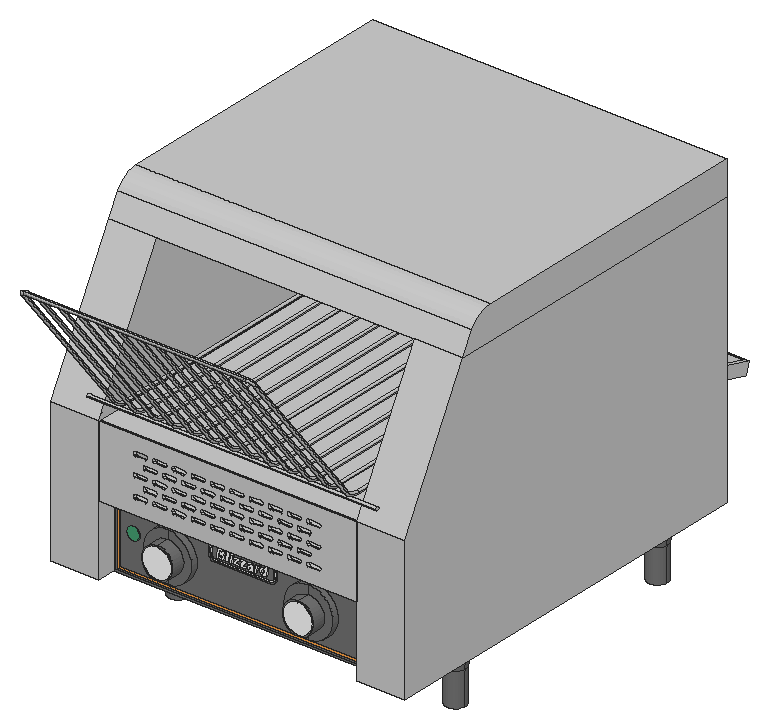
Revit family "QF_BLIZZARD_BCT2", category Specialty Equipment, Revit 2016
Family settings
  Part Type = Normal
  Round Connector Dimension = Use Diameter
  OmniClass Number = 23.40.40.14
  OmniClass Title = Food Service Equipment
  Work Plane-Based = No
  Always vertical = Yes
  Cut with Voids When Loaded = No
  Shared = No
  Room Calculation Point = No
Parameters (values of type "BCT2")
  URL = "www.blizzardequipment.com"
  Show Logo [instance] = yes
  Show Clearance [instance] = yes
  Model = "BCT2"
  Manufacturer = "BLIZZARD"
  Description = "2240W CONVEYOR TOASTER"
  Assembly Code = "E1090320"
Reference planes
  plane 1 "Back": y = 0
  plane 2: z = 0
  plane 3 "Left": x = 0
  plane 4 "Right": x = 368
  plane 5 "Front": y = -418
  plane 6 "Top": z = 387
Forms (mm)
  Extrusion 1, solid
    sketch origin (-228.698, -396.2, 15.482) x (1, 0, 0) y (0, 0, 1)
      loop
        line (284.698, 119.792) -> (284.698, 57.792) -> (540.698, 57.792) -> (540.698, 119.792) -> (284.698, 119.792)
      loop
        line (282.698, 121.792) -> (282.698, 55.792) -> (542.698, 55.792) -> (542.698, 121.792) -> (282.698, 121.792)
    from 0 to 2
  Revolve 2, solid
    sketch origin (110.934, 197, 37.497) x (0, 1, 0) y (0, 0, 1)
      loop
        line (-595, 92) -> (-601.479, 92) -> (-601.479, 83.047) -> (-614.8, 83.047) -> (-614.8, 66.623) -> (-595, 66.623) -> (-595, 92)
      axis (-595, 66.623) -> (-614.8, 66.623)
    angle from 0 to 360
  Extrusion 3, solid
    sketch origin (17.726, -397.273, 357.76) x (0, 0, -1) y (1, 0, 0)
      loop
        circle (248.792, 52.683) r 6.466
    from -0.205 to 1.127
  Extrusion 4, solid, visible <- "Show Logo"
    sketch origin (126.642, -396.4, -20.872) x (1, 0, 0) y (0, 0, 1)
      loop
        arc (22.13, 139.05) -> (23.822, 134.965) -> (27.907, 133.273) r 5.777
        line (27.907, 133.273) -> (86.809, 133.273)
        arc (86.809, 133.273) -> (90.894, 134.965) -> (92.585, 139.05) r 5.777
        line (92.585, 139.05) -> (92.585, 147.215)
        arc (92.585, 147.215) -> (90.894, 151.299) -> (86.809, 152.991) r 5.777
        line (86.809, 152.991) -> (27.907, 152.991)
        arc (27.907, 152.991) -> (23.822, 151.299) -> (22.13, 147.215) r 5.777
        line (22.13, 147.215) -> (22.13, 139.05)
    from 0 to 2
  Extrusion 5, solid, visible <- "Show Logo"
    sketch origin (126.642, -396.6, -15.863) x (1, 0, 0) y (0, 0, 1)
      loop
        line (30.3, 133.137) -> (36.162, 133.137)
        arc (36.162, 133.137) -> (39.122, 134.994) -> (38.048, 138.319) r 2.844
        arc (38.048, 138.319) -> (38.838, 141.267) -> (36.338, 143.017) r 2.66
        line (36.338, 143.017) -> (31.338, 143.017) -> (30.3, 133.137)
      loop
        line (33.066, 135.126) -> (35.993, 135.126)
        arc (35.993, 135.126) -> (36.943, 136.076) -> (35.993, 137.026) r 0.95
        line (35.993, 137.026) -> (33.066, 137.026) -> (33.066, 135.126)
      loop
        line (33.528, 139.285) -> (36.147, 139.285)
        arc (36.147, 139.285) -> (36.994, 140.133) -> (36.147, 140.98) r 0.847
        line (36.147, 140.98) -> (33.528, 140.98) -> (33.528, 139.285)
      loop
        line (40.306, 133.137) -> (42.874, 133.137) -> (43.912, 143.017) -> (41.344, 143.017) -> (40.306, 133.137)
      loop
        line (45.174, 140.98) -> (47.749, 140.98) -> (47.964, 143.017) -> (45.389, 143.017) -> (45.174, 140.98)
      loop
        line (45.104, 140.313) -> (44.35, 133.137) -> (46.671, 133.137) -> (47.425, 140.313) -> (45.104, 140.313)
      loop
        line (48.314, 138.359) -> (51.196, 138.359) -> (47.765, 134.548) -> (47.765, 133.137) -> (54.184, 133.137) -> (54.393, 135.126) -> (51.213, 135.126) -> (54.657, 138.952) -> (54.657, 140.313) -> (48.519, 140.313) -> (48.314, 138.359)
      loop
        line (55.213, 138.359) -> (58.095, 138.359) -> (54.664, 134.548) -> (54.664, 133.137) -> (61.084, 133.137) -> (61.293, 135.126) -> (58.112, 135.126) -> (61.557, 138.952) -> (61.557, 140.313) -> (55.419, 140.313) -> (55.213, 138.359)
      loop
        arc (64.816, 137.983) -> (65.785, 138.952) -> (66.753, 137.983) r 0.969
        line (66.753, 137.983) -> (64.711, 137.436)
        arc (64.711, 137.436) -> (62.642, 134.297) -> (66.342, 133.633) r 2.251
        line (66.342, 133.633) -> (66.77, 132.921) -> (69.168, 132.921) -> (68.641, 134.052) -> (69.084, 138.274)
        arc (69.084, 138.274) -> (65.782, 140.567) -> (62.514, 138.225) r 3.488
        line (62.514, 138.225) -> (64.816, 137.983)
      loop
        line (69.848, 133.137) -> (72.232, 133.137) -> (72.59, 136.546)
        arc (72.59, 136.546) -> (73.413, 137.974) -> (75.025, 138.32) r 2.029
        line (75.025, 138.32) -> (75.83, 140.313)
        arc (75.83, 140.313) -> (74.279, 140.541) -> (72.927, 139.749) r 2.362
        line (72.927, 139.749) -> (72.927, 140.627) -> (70.635, 140.627) -> (69.848, 133.137)
      loop
        line (82.596, 133.137) -> (83.635, 143.017) -> (81.373, 143.017) -> (81.031, 139.764)
        arc (81.031, 139.764) -> (75.402, 137.124) -> (80.359, 133.372) r 3.631
        line (80.359, 133.372) -> (82.596, 133.137)
      loop
        spline (78.956, 134.82) -> (79.32, 134.851) -> (79.675, 135.016) -> (79.994, 135.304) -> (80.258, 135.695) -> (80.446, 136.164) -> (80.548, 136.677) -> (80.555, 137.2) -> (80.468, 137.697) -> (80.292, 138.134) -> (80.039, 138.483) -> (79.727, 138.718) -> (79.376, 138.823)
        spline (79.376, 138.823) -> (79.011, 138.793) -> (78.657, 138.628) -> (78.338, 138.34) -> (78.074, 137.948) -> (77.886, 137.48) -> (77.784, 136.967) -> (77.777, 136.444) -> (77.864, 135.947) -> (78.04, 135.509) -> (78.293, 135.161) -> (78.605, 134.926) -> (78.956, 134.82)
      loop
        line (66.385, 136.28) -> (64.729, 135.958)
        arc (64.729, 135.958) -> (64.361, 135.233) -> (65.042, 134.788) r 0.609
        arc (65.042, 134.788) -> (66.068, 135.215) -> (66.385, 136.28) r 1.295
      loop
        line (85.459, 146.184) -> (29.578, 146.184)
        arc (29.578, 146.184) -> (25.494, 144.492) -> (23.802, 140.407) r 5.777
        line (23.802, 140.407) -> (23.802, 135.662)
        arc (23.802, 135.662) -> (25.494, 131.578) -> (29.578, 129.886) r 5.777
        line (29.578, 129.886) -> (85.459, 129.886)
        arc (85.459, 129.886) -> (89.544, 131.578) -> (91.236, 135.662) r 5.777
        line (91.236, 135.662) -> (91.236, 140.407)
        arc (91.236, 140.407) -> (89.544, 144.492) -> (85.459, 146.184) r 5.777
      loop
        line (85.459, 145.184) -> (29.578, 145.184)
        arc (29.578, 145.184) -> (26.201, 143.785) -> (24.802, 140.407) r 4.777
        line (24.802, 140.407) -> (24.802, 135.662)
        arc (24.802, 135.662) -> (26.201, 132.285) -> (29.578, 130.886) r 4.777
        line (29.578, 130.886) -> (85.459, 130.886)
        arc (85.459, 130.886) -> (88.837, 132.285) -> (90.236, 135.662) r 4.777
        line (90.236, 135.662) -> (90.236, 140.407)
        arc (90.236, 140.407) -> (88.837, 143.785) -> (85.459, 145.184) r 4.777
    from 0 to 2
  Extrusion 6, solid
    sketch origin (-228.698, -396, 15.482) x (1, 0, 0) y (0, 0, 1)
      loop
        line (280.698, 123.792) -> (280.698, 53.792) -> (544.698, 53.792) -> (544.698, 123.792) -> (280.698, 123.792)
    from 0 to 2
  Blend 7, solid
    base sketch origin (90.349, -393.25, -45.016) x (-1, 0, 0) y (0, -1, 0)
      loop
        circle (50.349, -353.214) r 10
    top sketch origin (90.349, -393.25, 0) x (-1, 0, 0) y (0, -1, 0)
      loop
        circle (50.349, -353.214) r 15
    from 79.968 to 67.275
  Extrusion 8, solid
    sketch origin (0, 0, -35) x (0, 1, 0) y (0, 0, 1)
      loop
        line (0, 422) -> (-306.663, 422)
        arc (-306.663, 422) -> (-320.577, 418.207) -> (-330.64, 407.877) r 27.414
        line (-330.64, 407.877) -> (-342.212, 387) -> (0, 387) -> (0, 422)
    from 0 to 368
  Extrusion 9, solid
    sketch origin (0, 0, -35) x (0, 1, 0) y (0, 0, 1)
      loop
        line (0, 387) -> (-342.212, 387) -> (-418, 250.275) -> (-418, 102.275) -> (0, 102.275) -> (0, 387)
    from 0 to 50
  Extrusion 10, solid
    sketch origin (318, 0, -35) x (0, 1, 0) y (0, 0, 1)
      loop
        line (0, 387) -> (-342.212, 387) -> (-418, 250.275) -> (-418, 102.275) -> (0, 102.275) -> (0, 387)
    from 0 to 50
  Extrusion 11, solid
    sketch origin (0, -3, 0) x (1, 0, 0) y (0, 0, 1)
      loop
        line (50, 215.275) -> (50, 141.275) -> (318, 141.275) -> (318, 215.275) -> (50, 215.275)
      loop
        arc (89, 200.775) -> (86.5, 198.275) -> (89, 195.775) r 2.5
        line (89, 195.775) -> (99, 195.775)
        arc (99, 195.775) -> (101.5, 198.275) -> (99, 200.775) r 2.5
        line (99, 200.775) -> (89, 200.775)
      loop
        arc (109, 200.775) -> (106.5, 198.275) -> (109, 195.775) r 2.5
        line (109, 195.775) -> (119, 195.775)
        arc (119, 195.775) -> (121.5, 198.275) -> (119, 200.775) r 2.5
        line (119, 200.775) -> (109, 200.775)
      loop
        arc (129, 200.775) -> (126.5, 198.275) -> (129, 195.775) r 2.5
        line (129, 195.775) -> (139, 195.775)
        arc (139, 195.775) -> (141.5, 198.275) -> (139, 200.775) r 2.5
        line (139, 200.775) -> (129, 200.775)
      loop
        arc (149, 200.775) -> (146.5, 198.275) -> (149, 195.775) r 2.5
        line (149, 195.775) -> (159, 195.775)
        arc (159, 195.775) -> (161.5, 198.275) -> (159, 200.775) r 2.5
        line (159, 200.775) -> (149, 200.775)
      loop
        arc (169, 200.775) -> (166.5, 198.275) -> (169, 195.775) r 2.5
        line (169, 195.775) -> (179, 195.775)
        arc (179, 195.775) -> (181.5, 198.275) -> (179, 200.775) r 2.5
        line (179, 200.775) -> (169, 200.775)
      loop
        arc (189, 200.775) -> (186.5, 198.275) -> (189, 195.775) r 2.5
        line (189, 195.775) -> (199, 195.775)
        arc (199, 195.775) -> (201.5, 198.275) -> (199, 200.775) r 2.5
        line (199, 200.775) -> (189, 200.775)
      loop
        arc (209, 200.775) -> (206.5, 198.275) -> (209, 195.775) r 2.5
        line (209, 195.775) -> (219, 195.775)
        arc (219, 195.775) -> (221.5, 198.275) -> (219, 200.775) r 2.5
        line (219, 200.775) -> (209, 200.775)
      loop
        arc (229, 200.775) -> (226.5, 198.275) -> (229, 195.775) r 2.5
        line (229, 195.775) -> (239, 195.775)
        arc (239, 195.775) -> (241.5, 198.275) -> (239, 200.775) r 2.5
        line (239, 200.775) -> (229, 200.775)
      loop
        arc (249, 200.775) -> (246.5, 198.275) -> (249, 195.775) r 2.5
        line (249, 195.775) -> (259, 195.775)
        arc (259, 195.775) -> (261.5, 198.275) -> (259, 200.775) r 2.5
        line (259, 200.775) -> (249, 200.775)
      loop
        arc (269, 200.775) -> (266.5, 198.275) -> (269, 195.775) r 2.5
        line (269, 195.775) -> (279, 195.775)
        arc (279, 195.775) -> (281.5, 198.275) -> (279, 200.775) r 2.5
        line (279, 200.775) -> (269, 200.775)
      loop
        arc (99, 190.775) -> (96.5, 188.275) -> (99, 185.775) r 2.5
        line (99, 185.775) -> (109, 185.775)
        arc (109, 185.775) -> (111.5, 188.275) -> (109, 190.775) r 2.5
        line (109, 190.775) -> (99, 190.775)
      loop
        arc (119, 190.775) -> (116.5, 188.275) -> (119, 185.775) r 2.5
        line (119, 185.775) -> (129, 185.775)
        arc (129, 185.775) -> (131.5, 188.275) -> (129, 190.775) r 2.5
        line (129, 190.775) -> (119, 190.775)
      loop
        arc (139, 190.775) -> (136.5, 188.275) -> (139, 185.775) r 2.5
        line (139, 185.775) -> (149, 185.775)
        arc (149, 185.775) -> (151.5, 188.275) -> (149, 190.775) r 2.5
        line (149, 190.775) -> (139, 190.775)
      loop
        arc (159, 190.775) -> (156.5, 188.275) -> (159, 185.775) r 2.5
        line (159, 185.775) -> (169, 185.775)
        arc (169, 185.775) -> (171.5, 188.275) -> (169, 190.775) r 2.5
        line (169, 190.775) -> (159, 190.775)
      loop
        arc (179, 190.775) -> (176.5, 188.275) -> (179, 185.775) r 2.5
        line (179, 185.775) -> (189, 185.775)
        arc (189, 185.775) -> (191.5, 188.275) -> (189, 190.775) r 2.5
        line (189, 190.775) -> (179, 190.775)
      loop
        arc (199, 190.775) -> (196.5, 188.275) -> (199, 185.775) r 2.5
        line (199, 185.775) -> (209, 185.775)
        arc (209, 185.775) -> (211.5, 188.275) -> (209, 190.775) r 2.5
        line (209, 190.775) -> (199, 190.775)
      loop
        arc (219, 190.775) -> (216.5, 188.275) -> (219, 185.775) r 2.5
        line (219, 185.775) -> (229, 185.775)
        arc (229, 185.775) -> (231.5, 188.275) -> (229, 190.775) r 2.5
        line (229, 190.775) -> (219, 190.775)
      loop
        arc (239, 190.775) -> (236.5, 188.275) -> (239, 185.775) r 2.5
        line (239, 185.775) -> (249, 185.775)
        arc (249, 185.775) -> (251.5, 188.275) -> (249, 190.775) r 2.5
        line (249, 190.775) -> (239, 190.775)
      loop
        arc (259, 190.775) -> (256.5, 188.275) -> (259, 185.775) r 2.5
        line (259, 185.775) -> (269, 185.775)
        arc (269, 185.775) -> (271.5, 188.275) -> (269, 190.775) r 2.5
        line (269, 190.775) -> (259, 190.775)
      loop
        arc (89, 180.775) -> (86.5, 178.275) -> (89, 175.775) r 2.5
        line (89, 175.775) -> (99, 175.775)
        arc (99, 175.775) -> (101.5, 178.275) -> (99, 180.775) r 2.5
        line (99, 180.775) -> (89, 180.775)
      loop
        arc (109, 180.775) -> (106.5, 178.275) -> (109, 175.775) r 2.5
        line (109, 175.775) -> (119, 175.775)
        arc (119, 175.775) -> (121.5, 178.275) -> (119, 180.775) r 2.5
        line (119, 180.775) -> (109, 180.775)
      loop
        arc (129, 180.775) -> (126.5, 178.275) -> (129, 175.775) r 2.5
        line (129, 175.775) -> (139, 175.775)
        arc (139, 175.775) -> (141.5, 178.275) -> (139, 180.775) r 2.5
        line (139, 180.775) -> (129, 180.775)
      loop
        arc (149, 180.775) -> (146.5, 178.275) -> (149, 175.775) r 2.5
        line (149, 175.775) -> (159, 175.775)
        arc (159, 175.775) -> (161.5, 178.275) -> (159, 180.775) r 2.5
        line (159, 180.775) -> (149, 180.775)
      loop
        arc (169, 180.775) -> (166.5, 178.275) -> (169, 175.775) r 2.5
        line (169, 175.775) -> (179, 175.775)
        arc (179, 175.775) -> (181.5, 178.275) -> (179, 180.775) r 2.5
        line (179, 180.775) -> (169, 180.775)
      loop
        arc (189, 180.775) -> (186.5, 178.275) -> (189, 175.775) r 2.5
        line (189, 175.775) -> (199, 175.775)
        arc (199, 175.775) -> (201.5, 178.275) -> (199, 180.775) r 2.5
        line (199, 180.775) -> (189, 180.775)
      loop
        arc (209, 180.775) -> (206.5, 178.275) -> (209, 175.775) r 2.5
        line (209, 175.775) -> (219, 175.775)
        arc (219, 175.775) -> (221.5, 178.275) -> (219, 180.775) r 2.5
        line (219, 180.775) -> (209, 180.775)
      loop
        arc (229, 180.775) -> (226.5, 178.275) -> (229, 175.775) r 2.5
        line (229, 175.775) -> (239, 175.775)
        arc (239, 175.775) -> (241.5, 178.275) -> (239, 180.775) r 2.5
        line (239, 180.775) -> (229, 180.775)
      loop
        arc (249, 180.775) -> (246.5, 178.275) -> (249, 175.775) r 2.5
        line (249, 175.775) -> (259, 175.775)
        arc (259, 175.775) -> (261.5, 178.275) -> (259, 180.775) r 2.5
        line (259, 180.775) -> (249, 180.775)
      loop
        arc (269, 180.775) -> (266.5, 178.275) -> (269, 175.775) r 2.5
        line (269, 175.775) -> (279, 175.775)
        arc (279, 175.775) -> (281.5, 178.275) -> (279, 180.775) r 2.5
        line (279, 180.775) -> (269, 180.775)
      loop
        arc (99, 170.775) -> (96.5, 168.275) -> (99, 165.775) r 2.5
        line (99, 165.775) -> (109, 165.775)
        arc (109, 165.775) -> (111.5, 168.275) -> (109, 170.775) r 2.5
        line (109, 170.775) -> (99, 170.775)
      loop
        arc (119, 170.775) -> (116.5, 168.275) -> (119, 165.775) r 2.5
        line (119, 165.775) -> (129, 165.775)
        arc (129, 165.775) -> (131.5, 168.275) -> (129, 170.775) r 2.5
        line (129, 170.775) -> (119, 170.775)
      loop
        arc (139, 170.775) -> (136.5, 168.275) -> (139, 165.775) r 2.5
        line (139, 165.775) -> (149, 165.775)
        arc (149, 165.775) -> (151.5, 168.275) -> (149, 170.775) r 2.5
        line (149, 170.775) -> (139, 170.775)
      loop
        arc (159, 170.775) -> (156.5, 168.275) -> (159, 165.775) r 2.5
        line (159, 165.775) -> (169, 165.775)
        arc (169, 165.775) -> (171.5, 168.275) -> (169, 170.775) r 2.5
        line (169, 170.775) -> (159, 170.775)
      loop
        arc (179, 170.775) -> (176.5, 168.275) -> (179, 165.775) r 2.5
        line (179, 165.775) -> (189, 165.775)
        arc (189, 165.775) -> (191.5, 168.275) -> (189, 170.775) r 2.5
        line (189, 170.775) -> (179, 170.775)
      loop
        arc (199, 170.775) -> (196.5, 168.275) -> (199, 165.775) r 2.5
        line (199, 165.775) -> (209, 165.775)
        arc (209, 165.775) -> (211.5, 168.275) -> (209, 170.775) r 2.5
        line (209, 170.775) -> (199, 170.775)
      loop
        arc (219, 170.775) -> (216.5, 168.275) -> (219, 165.775) r 2.5
        line (219, 165.775) -> (229, 165.775)
        arc (229, 165.775) -> (231.5, 168.275) -> (229, 170.775) r 2.5
        line (229, 170.775) -> (219, 170.775)
      loop
        arc (239, 170.775) -> (236.5, 168.275) -> (239, 165.775) r 2.5
        line (239, 165.775) -> (249, 165.775)
        arc (249, 165.775) -> (251.5, 168.275) -> (249, 170.775) r 2.5
        line (249, 170.775) -> (239, 170.775)
      loop
        arc (259, 170.775) -> (256.5, 168.275) -> (259, 165.775) r 2.5
        line (259, 165.775) -> (269, 165.775)
        arc (269, 165.775) -> (271.5, 168.275) -> (269, 170.775) r 2.5
        line (269, 170.775) -> (259, 170.775)
      loop
        arc (89, 160.775) -> (86.5, 158.275) -> (89, 155.775) r 2.5
        line (89, 155.775) -> (99, 155.775)
        arc (99, 155.775) -> (101.5, 158.275) -> (99, 160.775) r 2.5
        line (99, 160.775) -> (89, 160.775)
      loop
        arc (109, 160.775) -> (106.5, 158.275) -> (109, 155.775) r 2.5
        line (109, 155.775) -> (119, 155.775)
        arc (119, 155.775) -> (121.5, 158.275) -> (119, 160.775) r 2.5
        line (119, 160.775) -> (109, 160.775)
      loop
        arc (129, 160.775) -> (126.5, 158.275) -> (129, 155.775) r 2.5
        line (129, 155.775) -> (139, 155.775)
        arc (139, 155.775) -> (141.5, 158.275) -> (139, 160.775) r 2.5
        line (139, 160.775) -> (129, 160.775)
      loop
        arc (149, 160.775) -> (146.5, 158.275) -> (149, 155.775) r 2.5
        line (149, 155.775) -> (159, 155.775)
        arc (159, 155.775) -> (161.5, 158.275) -> (159, 160.775) r 2.5
        line (159, 160.775) -> (149, 160.775)
      loop
        arc (169, 160.775) -> (166.5, 158.275) -> (169, 155.775) r 2.5
        line (169, 155.775) -> (179, 155.775)
        arc (179, 155.775) -> (181.5, 158.275) -> (179, 160.775) r 2.5
        line (179, 160.775) -> (169, 160.775)
      loop
        arc (189, 160.775) -> (186.5, 158.275) -> (189, 155.775) r 2.5
        line (189, 155.775) -> (199, 155.775)
        arc (199, 155.775) -> (201.5, 158.275) -> (199, 160.775) r 2.5
        line (199, 160.775) -> (189, 160.775)
      loop
        arc (209, 160.775) -> (206.5, 158.275) -> (209, 155.775) r 2.5
        line (209, 155.775) -> (219, 155.775)
        arc (219, 155.775) -> (221.5, 158.275) -> (219, 160.775) r 2.5
        line (219, 160.775) -> (209, 160.775)
      loop
        arc (229, 160.775) -> (226.5, 158.275) -> (229, 155.775) r 2.5
        line (229, 155.775) -> (239, 155.775)
        arc (239, 155.775) -> (241.5, 158.275) -> (239, 160.775) r 2.5
        line (239, 160.775) -> (229, 160.775)
      loop
        arc (249, 160.775) -> (246.5, 158.275) -> (249, 155.775) r 2.5
        line (249, 155.775) -> (259, 155.775)
        arc (259, 155.775) -> (261.5, 158.275) -> (259, 160.775) r 2.5
        line (259, 160.775) -> (249, 160.775)
      loop
        arc (269, 160.775) -> (266.5, 158.275) -> (269, 155.775) r 2.5
        line (269, 155.775) -> (279, 155.775)
        arc (279, 155.775) -> (281.5, 158.275) -> (279, 160.775) r 2.5
        line (279, 160.775) -> (269, 160.775)
    from 413 to 415
  Extrusion 12, solid
    sketch origin (0, -368, 0) x (1, 0, 0) y (0, 0, 1)
      loop
        line (50, 141.275) -> (50, 67.275) -> (318, 67.275) -> (318, 141.275) -> (50, 141.275)
    from -348 to 30
  Extrusion 13, solid
    sketch origin (-72.868, -416, 0) x (1, 0, 0) y (0, 0, 1)
      loop
        circle (183.802, 104.12) r 15
    from 0 to 2
  Revolve 14, solid
    sketch origin (257.066, 197, 37.497) x (0, 1, 0) y (0, 0, -1)
      loop
        line (-595, -92) -> (-595, -66.623) -> (-614.8, -66.623) -> (-614.8, -83.047) -> (-601.479, -83.047) -> (-601.479, -92) -> (-595, -92)
      axis (-595, -66.623) -> (-614.8, -66.623)
    angle from 0 to 360
  Extrusion 15, solid
    sketch origin (440.868, -416, 0) x (-1, 0, 0) y (0, 0, -1)
      loop
        circle (183.802, -104.12) r 15
    from 0 to 2
  Extrusion 16, solid
    sketch origin (0, 0, 0) x (1, 0, 0) y (0, 1, 0)
      loop
        circle (40, -40.036) r 10
    from 0 to 34.952
  Blend 17, solid
    base sketch origin (277.651, -393.25, -45.016) x (1, 0, 0) y (0, 1, 0)
      loop
        circle (50.349, 353.214) r 10
    top sketch origin (277.651, -393.25, 0) x (1, 0, 0) y (0, 1, 0)
      loop
        circle (50.349, 353.214) r 15
    from 79.968 to 67.275
  Extrusion 18, solid
    sketch origin (368, 0, 0) x (-1, 0, 0) y (0, -1, 0)
      loop
        circle (40, 40.036) r 10
    from 0 to 34.952
  Blend 19, solid
    base sketch origin (90.349, 51.038, -45.016) x (-1, 0, 0) y (0, -1, 0)
      loop
        circle (50.349, 353.214) r 10
    top sketch origin (90.349, 51.038, 0) x (-1, 0, 0) y (0, -1, 0)
      loop
        circle (50.349, 353.214) r 15
    from 79.968 to 67.275
  Extrusion 20, solid
    sketch origin (0, -342.212, 0) x (1, 0, 0) y (0, 1, 0)
      loop
        circle (40, 40.036) r 10
    from 0 to 34.952
  Blend 21, solid
    base sketch origin (277.651, 51.038, -45.016) x (1, 0, 0) y (0, 1, 0)
      loop
        circle (50.349, -353.214) r 10
    top sketch origin (277.651, 51.038, 0) x (1, 0, 0) y (0, 1, 0)
      loop
        circle (50.349, -353.214) r 15
    from 79.968 to 67.275
  Extrusion 22, solid
    sketch origin (368, -342.212, 0) x (-1, 0, 0) y (0, -1, 0)
      loop
        circle (40, -40.036) r 10
    from 0 to 34.952
  Extrusion 23, solid
    sketch origin (0, 0, 0) x (1, 0, 0) y (0, 0, 1)
      loop
        line (50, 352) -> (50, 67.275) -> (318, 67.275) -> (318, 352) -> (50, 352)
      loop
        line (80, 235.275) -> (80, 141.275) -> (288, 141.275) -> (288, 235.275) -> (80, 235.275)
    from 0 to 20
  Extrusion 24, solid
    sketch origin (0, 0, 0) x (0, 1, 0) y (0, 0, 1)
      loop
        line (-26.682, 141.275) -> (-32.363, 144.807) -> (-416, 144.807) -> (-416, 141.275) -> (-26.682, 141.275)
    from 50 to 318
  Extrusion 25, solid
    sketch origin (0, 0, 70.467) x (0, 1, 0) y (0, 0, 1)
      loop
        line (-140, 141.275) -> (-140, 144.807) -> (-416, 144.807) -> (-416, 141.275) -> (-140, 141.275)
    from 50 to 318
  Extrusion 26, solid
    sketch origin (0, 154.485, -114.284) x (0, 0.873328, -0.487132) y (0, 0.487132, 0.873328)
      loop
        line (-416.846, 144.848) -> (-417.721, 144.36) -> (-416, 141.275) -> (-282.71, 134.934) -> (-276.874, 138.189) -> (-416.846, 144.848)
    from 50 to 318
  Sweep 27, solid
    path origin (64, 0, 0) x (0, 1, 0) y (0, 0, 1)
      loop
        line (-146.452, 230.275) -> (-399.931, 230.275)
        arc (-399.931, 230.275) -> (-408.698, 232.299) -> (-415.691, 237.961) r 20
        line (-415.691, 237.961) -> (-532.133, 387)
    profile origin (64, -273.191, 230.275) x (0, 0, -1) y (1, 0, 0)
      loop
        circle (0, 0) r 1.5
  Sweep 28, solid
    path origin (84, 0, 0) x (0, 1, 0) y (0, 0, 1)
      loop
        line (-138.431, 230.275) -> (-399.931, 230.275)
        arc (-399.931, 230.275) -> (-408.698, 232.299) -> (-415.691, 237.961) r 20
        line (-415.691, 237.961) -> (-536.981, 393.205)
    profile origin (84, -269.181, 230.275) x (0, 0, -1) y (1, 0, 0)
      loop
        circle (0, 0) r 1.5
  Sweep 29, solid
    path origin (0, -293.872, 82.04) x (1, 0, 0) y (0, -0.615661, 0.788011)
      loop
        line (64, 387) -> (64, 390)
        arc (64, 390) -> (65.464, 393.536) -> (69, 395) r 5
        line (69, 395) -> (299, 395)
        arc (299, 395) -> (302.536, 393.536) -> (304, 390) r 5
        line (304, 390) -> (304, 387)
    profile origin (64, -533.056, 388.182) x (-1, 0, 0) y (0, -0.788011, -0.615661)
      loop
        circle (0, 0) r 1.5
  Sweep 30, solid
    path origin (0, -533.452, 230.275) x (1, 0, 0) y (0, 1, 0)
      loop
        line (64, 387) -> (64, 390)
        arc (64, 390) -> (65.464, 393.536) -> (69, 395) r 5
        line (69, 395) -> (299, 395)
        arc (299, 395) -> (302.536, 393.536) -> (304, 390) r 5
        line (304, 390) -> (304, 387)
    profile origin (64, -144.952, 230.275) x (-1, 0, 0) y (0, 0, 1)
      loop
        circle (0, 0) r 1.5
  Extrusion 31, solid
    sketch origin (34, -3.582, -3.371) x (0, 1, 0) y (0, 0, 1)
      loop
        circle (-407.789, 233.696) r 1.5
    from 0 to 300
  Sweep 32, solid
    path origin (304, 0, 0) x (0, 1, 0) y (0, 0, -1)
      loop
        line (-146.452, -230.275) -> (-399.931, -230.275)
        arc (-399.931, -230.275) -> (-408.698, -232.299) -> (-415.691, -237.961) r 20
        line (-415.691, -237.961) -> (-532.133, -387)
    profile origin (304, -273.191, 230.275) x (0, 0, 1) y (-1, 0, 0)
      loop
        circle (0, 0) r 1.5
  Sweep 33, solid
    path origin (104, 0, 0) x (0, 1, 0) y (0, 0, 1)
      loop
        line (-138.431, 230.275) -> (-399.931, 230.275)
        arc (-399.931, 230.275) -> (-408.698, 232.299) -> (-415.691, 237.961) r 20
        line (-415.691, 237.961) -> (-536.981, 393.205)
    profile origin (104, -269.181, 230.275) x (0, 0, -1) y (1, 0, 0)
      loop
        circle (0, 0) r 1.5
  Sweep 34, solid
    path origin (124, 0, 0) x (0, 1, 0) y (0, 0, 1)
      loop
        line (-138.431, 230.275) -> (-399.931, 230.275)
        arc (-399.931, 230.275) -> (-408.698, 232.299) -> (-415.691, 237.961) r 20
        line (-415.691, 237.961) -> (-536.981, 393.205)
    profile origin (124, -269.181, 230.275) x (0, 0, -1) y (1, 0, 0)
      loop
        circle (0, 0) r 1.5
  Sweep 35, solid
    path origin (144, 0, 0) x (0, 1, 0) y (0, 0, 1)
      loop
        line (-138.431, 230.275) -> (-399.931, 230.275)
        arc (-399.931, 230.275) -> (-408.698, 232.299) -> (-415.691, 237.961) r 20
        line (-415.691, 237.961) -> (-536.981, 393.205)
    profile origin (144, -269.181, 230.275) x (0, 0, -1) y (1, 0, 0)
      loop
        circle (0, 0) r 1.5
  Sweep 36, solid
    path origin (164, 0, 0) x (0, 1, 0) y (0, 0, 1)
      loop
        line (-138.431, 230.275) -> (-399.931, 230.275)
        arc (-399.931, 230.275) -> (-408.698, 232.299) -> (-415.691, 237.961) r 20
        line (-415.691, 237.961) -> (-536.981, 393.205)
    profile origin (164, -269.181, 230.275) x (0, 0, -1) y (1, 0, 0)
      loop
        circle (0, 0) r 1.5
  Sweep 37, solid
    path origin (184, 0, 0) x (0, 1, 0) y (0, 0, 1)
      loop
        line (-138.431, 230.275) -> (-399.931, 230.275)
        arc (-399.931, 230.275) -> (-408.698, 232.299) -> (-415.691, 237.961) r 20
        line (-415.691, 237.961) -> (-536.981, 393.205)
    profile origin (184, -269.181, 230.275) x (0, 0, -1) y (1, 0, 0)
      loop
        circle (0, 0) r 1.5
  Sweep 38, solid
    path origin (204, 0, 0) x (0, 1, 0) y (0, 0, 1)
      loop
        line (-138.431, 230.275) -> (-399.931, 230.275)
        arc (-399.931, 230.275) -> (-408.698, 232.299) -> (-415.691, 237.961) r 20
        line (-415.691, 237.961) -> (-536.981, 393.205)
    profile origin (204, -269.181, 230.275) x (0, 0, -1) y (1, 0, 0)
      loop
        circle (0, 0) r 1.5
  Sweep 39, solid
    path origin (224, 0, 0) x (0, 1, 0) y (0, 0, 1)
      loop
        line (-138.431, 230.275) -> (-399.931, 230.275)
        arc (-399.931, 230.275) -> (-408.698, 232.299) -> (-415.691, 237.961) r 20
        line (-415.691, 237.961) -> (-536.981, 393.205)
    profile origin (224, -269.181, 230.275) x (0, 0, -1) y (1, 0, 0)
      loop
        circle (0, 0) r 1.5
  Sweep 40, solid
    path origin (244, 0, 0) x (0, 1, 0) y (0, 0, 1)
      loop
        line (-138.431, 230.275) -> (-399.931, 230.275)
        arc (-399.931, 230.275) -> (-408.698, 232.299) -> (-415.691, 237.961) r 20
        line (-415.691, 237.961) -> (-536.981, 393.205)
    profile origin (244, -269.181, 230.275) x (0, 0, -1) y (1, 0, 0)
      loop
        circle (0, 0) r 1.5
  Sweep 41, solid
    path origin (264, 0, 0) x (0, 1, 0) y (0, 0, 1)
      loop
        line (-138.431, 230.275) -> (-399.931, 230.275)
        arc (-399.931, 230.275) -> (-408.698, 232.299) -> (-415.691, 237.961) r 20
        line (-415.691, 237.961) -> (-536.981, 393.205)
    profile origin (264, -269.181, 230.275) x (0, 0, -1) y (1, 0, 0)
      loop
        circle (0, 0) r 1.5
  Sweep 42, solid
    path origin (284, 0, 0) x (0, 1, 0) y (0, 0, 1)
      loop
        line (-138.431, 230.275) -> (-399.931, 230.275)
        arc (-399.931, 230.275) -> (-408.698, 232.299) -> (-415.691, 237.961) r 20
        line (-415.691, 237.961) -> (-536.981, 393.205)
    profile origin (284, -269.181, 230.275) x (0, 0, -1) y (1, 0, 0)
      loop
        circle (0, 0) r 1.5
  Extrusion 43, solid
    sketch origin (0, 0, 0) x (0, 1, 0) y (0, 0, 1)
      loop
        line (0, 141.275) -> (0, 138.154) -> (124.137, 102.558) -> (124.964, 105.442) -> (0, 141.275)
    from 80 to 288
  Extrusion 44, solid
    sketch origin (0, 0, 3.121) x (0, 1, 0) y (0, 0, 1)
      loop
        line (0, 148.557) -> (0, 138.154) -> (124.964, 102.321) -> (127.72, 111.933) -> (0, 148.557)
    from 80 to 83
  Extrusion 45, solid
    sketch origin (205, 0, 3.121) x (0, 1, 0) y (0, 0, 1)
      loop
        line (0, 148.557) -> (0, 138.154) -> (124.964, 102.321) -> (127.72, 111.933) -> (0, 148.557)
    from 80 to 83
  Extrusion 46, solid
    sketch origin (0, 164.979, -44.186) x (0, -0.848048, 0.529919) y (0, -0.529919, -0.848048)
      loop
        line (115.982, -115.299) -> (118.866, -114.472) -> (116.109, -104.86) -> (113.226, -105.687) -> (115.982, -115.299)
    from 83 to 285
Cuts and joins
  joined: Extrusion 43, Extrusion 44, Extrusion 45, Extrusion 46
Lines and regions (mm)
  reference lines
    curve 1: line (0, -183.475, 1485) -> (0, -697.791, 1021.908)
  symbolic lines, style "200-EquipBorder-2D"
    curve 2: line (0, 0, 0) -> (368, 0, 0)
    curve 3: line (0, -418, 0) -> (0, 0, 0)
    curve 4: line (368, -418, 0) -> (0, -418, 0)
    curve 5: line (368, 0, 0) -> (368, -418, 0)
    curve 39: line (62.483, -533.528, 0) -> (62.483, -418, 0)
    curve 40: line (65.483, -530.528, 0) -> (65.483, -418, 0)
    curve 41: line (82.483, -535.528, 0) -> (82.483, -418, 0)
    curve 42: line (85.483, -535.528, 0) -> (85.483, -418, 0)
    curve 43: line (102.483, -535.528, 0) -> (102.483, -418, 0)
    curve 44: line (105.483, -535.528, 0) -> (105.483, -418, 0)
    curve 73: line (70.483, -535.528, 0) -> (297.483, -535.528, 0)
    curve 74: line (67.483, -538.528, 0) -> (300.483, -538.528, 0)
    curve 75: line (122.483, -535.528, 0) -> (122.483, -418, 0)
    curve 76: line (125.483, -535.528, 0) -> (125.483, -418, 0)
    curve 77: line (142.483, -535.528, 0) -> (142.483, -418, 0)
    curve 78: line (145.483, -535.528, 0) -> (145.483, -418, 0)
    curve 79: line (162.483, -535.528, 0) -> (162.483, -418, 0)
    curve 80: line (165.483, -535.528, 0) -> (165.483, -418, 0)
    curve 81: line (182.483, -535.528, 0) -> (182.483, -418, 0)
    curve 82: line (185.483, -535.528, 0) -> (185.483, -418, 0)
    curve 83: line (202.483, -535.528, 0) -> (202.483, -418, 0)
    curve 84: line (205.483, -535.528, 0) -> (205.483, -418, 0)
    curve 85: line (222.483, -535.528, 0) -> (222.483, -418, 0)
    curve 86: line (225.483, -535.528, 0) -> (225.483, -418, 0)
    curve 87: line (242.483, -535.528, 0) -> (242.483, -418, 0)
    curve 88: line (245.483, -535.528, 0) -> (245.483, -418, 0)
    curve 89: line (262.483, -535.528, 0) -> (262.483, -418, 0)
    curve 90: line (265.483, -535.528, 0) -> (265.483, -418, 0)
    curve 91: line (282.483, -535.528, 0) -> (282.483, -418, 0)
    curve 92: line (285.483, -535.528, 0) -> (285.483, -418, 0)
    curve 93: line (302.483, -530.528, 0) -> (302.483, -418, 0)
    curve 94: line (305.483, -533.528, 0) -> (305.483, -418, 0)
    curve 95: arc (65.483, -530.528, 0) -> (66.948, -534.064, 0) -> (70.483, -535.528, 0) r 5
    curve 96: arc (62.483, -533.528, 0) -> (63.948, -537.064, 0) -> (67.483, -538.528, 0) r 5
    curve 97: arc (300.483, -538.528, 0) -> (304.019, -537.064, 0) -> (305.483, -533.528, 0) r 5
    curve 98: arc (302.483, -530.528, 0) -> (301.019, -534.064, 0) -> (297.483, -535.528, 0) r 5
    curve 99: line (80, 127.72, 0) -> (80, 0, 0)
    curve 100: line (288, 127.72, 0) -> (80, 127.72, 0)
    curve 101: line (288, 0, 0) -> (288, 127.72, 0)
  symbolic lines, style "200-EquipInternal-2D"
    curve 6: line (0, -342.212, 0) -> (368, -342.212, 0)
    curve 7: line (50, -409.871, 0) -> (50, -342.212, 0)
    curve 8: line (318, -342.212, 0) -> (318, -409.871, 0)
    curve 9: line (62.483, -418, 0) -> (62.483, -342.212, 0)
    curve 10: line (65.483, -418, 0) -> (65.483, -342.212, 0)
    curve 11: line (82.483, -418, 0) -> (82.483, -342.212, 0)
    curve 12: line (85.483, -418, 0) -> (85.483, -342.212, 0)
    curve 13: line (102.483, -418, 0) -> (102.483, -342.212, 0)
    curve 14: line (105.483, -418, 0) -> (105.483, -342.212, 0)
    curve 15: line (122.483, -418, 0) -> (122.483, -342.212, 0)
    curve 16: line (125.483, -418, 0) -> (125.483, -342.212, 0)
    curve 17: line (142.483, -418, 0) -> (142.483, -342.212, 0)
    curve 18: line (145.483, -418, 0) -> (145.483, -342.212, 0)
    curve 19: line (162.483, -418, 0) -> (162.483, -342.212, 0)
    curve 20: line (165.483, -418, 0) -> (165.483, -342.212, 0)
    curve 21: line (182.483, -418, 0) -> (182.483, -342.212, 0)
    curve 22: line (185.483, -418, 0) -> (185.483, -342.212, 0)
    curve 23: line (202.483, -418, 0) -> (202.483, -342.212, 0)
    curve 24: line (205.483, -418, 0) -> (205.483, -342.212, 0)
    curve 25: line (222.483, -418, 0) -> (222.483, -342.212, 0)
    curve 26: line (225.483, -418, 0) -> (225.483, -342.212, 0)
    curve 27: line (242.483, -418, 0) -> (242.483, -342.212, 0)
    curve 28: line (245.483, -418, 0) -> (245.483, -342.212, 0)
    curve 29: line (262.483, -418, 0) -> (262.483, -342.212, 0)
    curve 30: line (265.483, -418, 0) -> (265.483, -342.212, 0)
    curve 31: line (282.483, -418, 0) -> (282.483, -342.212, 0)
    curve 32: line (285.483, -418, 0) -> (285.483, -342.212, 0)
    curve 33: line (302.483, -418, 0) -> (302.483, -342.212, 0)
    curve 34: line (305.483, -418, 0) -> (305.483, -342.212, 0)
    curve 35: line (34, -409.871, 0) -> (34, -412.871, 0)
    curve 36: line (34, -412.871, 0) -> (62.483, -412.871, 0)
    curve 37: line (34, -409.871, 0) -> (62.483, -409.871, 0)
    curve 38: line (50, -418, 0) -> (50, -412.871, 0)
    curve 45: line (334, -409.871, 0) -> (334, -412.871, 0)
    curve 46: line (334, -412.871, 0) -> (305.483, -412.871, 0)
    curve 47: line (334, -409.871, 0) -> (305.483, -409.871, 0)
    curve 48: line (318, -418, 0) -> (318, -412.871, 0)
    curve 49: line (65.483, -412.871, 0) -> (82.483, -412.871, 0)
    curve 50: line (65.483, -409.871, 0) -> (82.483, -409.871, 0)
    curve 51: line (85.483, -412.871, 0) -> (102.483, -412.871, 0)
    curve 52: line (85.483, -409.871, 0) -> (102.483, -409.871, 0)
    curve 53: line (105.483, -412.871, 0) -> (122.483, -412.871, 0)
    curve 54: line (105.483, -409.871, 0) -> (122.483, -409.871, 0)
    curve 55: line (125.483, -412.871, 0) -> (142.483, -412.871, 0)
    curve 56: line (125.483, -409.871, 0) -> (142.483, -409.871, 0)
    curve 57: line (145.483, -412.871, 0) -> (162.483, -412.871, 0)
    curve 58: line (145.483, -409.871, 0) -> (162.483, -409.871, 0)
    curve 59: line (165.483, -412.871, 0) -> (182.483, -412.871, 0)
    curve 60: line (165.483, -409.871, 0) -> (182.483, -409.871, 0)
    curve 61: line (185.483, -412.871, 0) -> (202.483, -412.871, 0)
    curve 62: line (185.483, -409.871, 0) -> (202.483, -409.871, 0)
    curve 63: line (205.483, -412.871, 0) -> (222.483, -412.871, 0)
    curve 64: line (205.483, -409.871, 0) -> (222.483, -409.871, 0)
    curve 65: line (225.483, -412.871, 0) -> (242.483, -412.871, 0)
    curve 66: line (225.483, -409.871, 0) -> (242.483, -409.871, 0)
    curve 67: line (245.483, -412.871, 0) -> (262.483, -412.871, 0)
    curve 68: line (245.483, -409.871, 0) -> (262.483, -409.871, 0)
    curve 69: line (265.483, -412.871, 0) -> (282.483, -412.871, 0)
    curve 70: line (265.483, -409.871, 0) -> (282.483, -409.871, 0)
    curve 71: line (285.483, -412.871, 0) -> (302.483, -412.871, 0)
    curve 72: line (285.483, -409.871, 0) -> (302.483, -409.871, 0)
Dimensions and locks
  plane 3 "Left" to plane 4 "Right" = 368 mm
  plane 5 "Front" to plane 1 "Back" = 418 mm
  plane 1 "Back" to plane 5 "Front" = 418 mm
  plane 4 "Right" to plane 3 "Left" = 368 mm
  plane 6 "Top" to level = 387 mm  (x2)
  aligned and locked: level to plane 2
